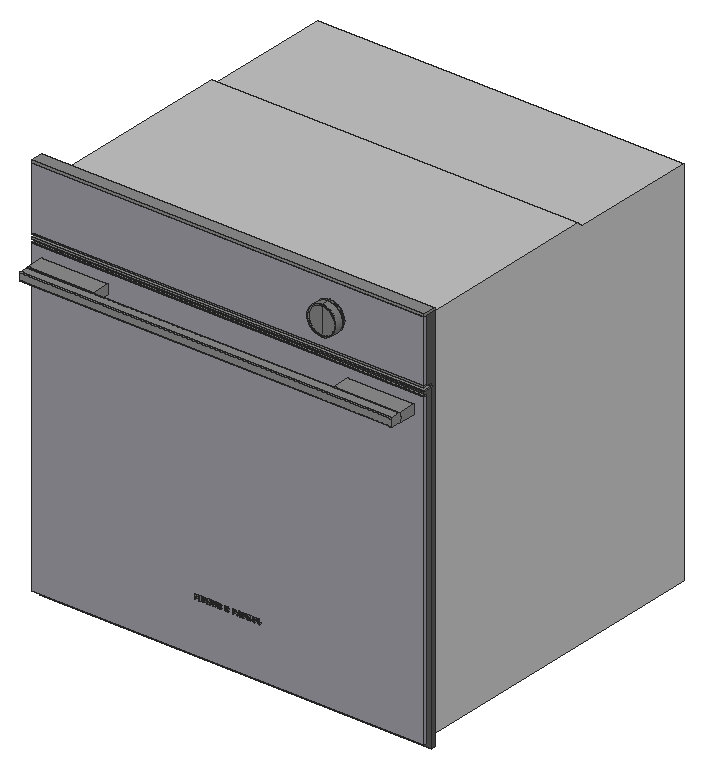
Revit family "FP-Revit19-en-OB60SMPTDG1-WallOven-0-90003132A-AU-NZ-CN-IE-UK-EU", category Specialty Equipment, Revit 2019
Family settings
  Round Connector Dimension = Use Diameter
  Part Type = Normal
  OmniClass Number = 23.40.40.14.17.31
  OmniClass Title = Small Specialized Cooking Equipment
  Work Plane-Based = No
  Always vertical = Yes
  Cut with Voids When Loaded = Yes
  Shared = No
  Room Calculation Point = No
Parameters (values of type "OB60SMPTDG1")
  Visibility - Clearance Required = yes
  URL = "www.fisherpaykel.com"
  Product - Height = 598 mm  # constant formula
  Product - Width = 596 mm  # constant formula
  Product - Depth (Exc. Handles) = 565 mm  # constant formula
  Opening - Height = 600 mm  # constant formula
  Model = "OB60SMPTDG1"
  Material - Trim = Fisher & Paykel - Aluminium, Dark
  Material - Structure = Fisher & Paykel - Black
  Material - Handle = Fisher & Paykel - Aluminium, Dark
  Material - Glass = Fisher & Paykel - Glass, Grey
  Material - Dial = Fisher & Paykel - Aluminium, Dark, Matt
  Material - Body = Fisher & Paykel - Grey
  Manufacturer = "Fisher & Paykel Appliances"
  FFL Offset [instance] = 900 mm
  Description = "Oven, 60cm, 16 Function, Self-cleaning"
  Connector Description - Electrical = "220-240V, 50Hz, 12.8 - 13.8A"
  Chassis - Width = 556 mm  # constant formula
  Chassis - Height = 575 mm  # constant formula
  Chassis - Depth = 545 mm  # constant formula
  Cavity - Width = 560 mm  # constant formula
  Cavity - Height = 580 mm  # constant formula
  Cavity - Depth = 550 mm  # constant formula
Reference planes
  plane 1 "Datum": y = 0
  plane 2: z = -2
  plane 3 "Center (Left/Right)": x = 0
  plane 4 "Product - LHS": x = -298
  plane 5 "Product - RHS": x = 298
  plane 6 "Cavity - RHS": x = 280
  plane 7 "FFL Offset": z = 898
  plane 8 "Chassis - Depth": y = 545
  plane 9 "Front Face": y = -20
  plane 10 "Chassis - Height": z = 1473
  plane 11 "Cavity - Height": z = 1478
  plane 12 "Opening - Height": z = 1498
  plane 13 "Cavity - LHS": x = -280
  plane 14 "Cavity - Depth": y = 550
  plane 15 "Product - Height": z = 1496
  plane 16 "Opening - RHS": x = 300
  plane 17 "Opening - LHS": x = -300
  plane 18 "Chassis - LHS": x = -278
  plane 19 "Chassis - RHS": x = 278
Forms (mm)
  Extrusion 1, solid, material "Fisher & Paykel - Grey" <- "Material - Body"
    sketch origin (0, 0, 0) x (0, 1, 0) y (0, 0, 1)
      loop
        line (0, 1473) -> (0, 898) -> (528, 898) -> (528, 1088) -> (545, 1108) -> (545, 1303) -> (498, 1358) -> (498, 1466) -> (305, 1466) -> (298, 1473) -> (0, 1473)
    from -278 to 278
  Extrusion 2, solid, material "Fisher & Paykel - Black" <- "Material - Structure", detail levels fine
    sketch origin (0, 0, 0) x (0, 1, 0) y (0, 0, 1)
      loop
        line (0, 1492.7) -> (-16, 1492.7) -> (-16, 1396) -> (-4, 1396) -> (-4, 898) -> (0, 898) -> (0, 1492.7)
    from -298 to 298
  Extrusion 3, solid, material "Fisher & Paykel - Glass, Grey" <- "Material - Glass", detail levels fine
    sketch origin (0, 0, -3) x (0, 1, 0) y (0, 0, 1)
      loop
        line (-20, 1386.4) -> (-20, 912.5) -> (-16, 912.5) -> (-16, 1386.4) -> (-20, 1386.4)
      loop
        line (-20, 1400.8) -> (-16, 1400.8) -> (-16, 1495.7) -> (-20, 1495.7) -> (-20, 1400.8)
    from -298 to 298
  Extrusion 4, solid, material "Fisher & Paykel - Black" <- "Material - Structure", detail levels fine
    sketch origin (0, 0, 0) x (0, 1, 0) y (0, 0, 1)
      loop
        line (-16, 909.5) -> (-4, 909.5) -> (-4, 1380.364) -> (-13.99, 1384) -> (-16, 1384) -> (-16, 909.5)
    from -268 to 268
  Extrusion 5, solid, material "Fisher & Paykel - Clearance Required", visible <- "Visibility - Clearance Required", detail levels coarse
    sketch origin (0, 0, -2) x (1, 0, 0) y (0, 1, 0)
      loop
        line (-280, 0) -> (280, 0) -> (280, 550) -> (-280, 550) -> (-280, 0)
    from 900 to 1480
  Extrusion 6, void
    sketch origin (0, 0, 0) x (0, 1, 0) y (0, 0, 1)
      loop
        line (-20, 898) -> (0, 898) -> (0, 1498) -> (-20, 1498) -> (-20, 898)
    from -300 to 300
  Extrusion 7, solid, material "Fisher & Paykel - Grey" <- "Material - Body"
    sketch origin (0, 2, 0) x (0, 1, 0) y (0, 0, 1)
      loop
        line (496, 1433.999) -> (496, 1376) -> (517.999, 1376) -> (517.999, 1433.999) -> (496, 1433.999)
    from -221 to -128
  Extrusion 8, solid, material "Fisher & Paykel - Aluminium, Dark" <- "Material - Trim", detail levels fine
    sketch origin (0, 0, -1.199) x (0, 1, 0) y (0, 0, 1)
      loop
        line (-16, 1397.199) -> (-16, 1398.999) -> (-20, 1398.999) -> (-20, 1397.199) -> (-16, 1397.199)
      loop
        line (-16, 1384.599) -> (-16, 1386.199) -> (-20, 1386.199) -> (-20, 1384.599) -> (-16, 1384.599)
      loop
        line (-4, 1390.799) -> (-4, 1392.399) -> (-20, 1392.399) -> (-20, 1390.799) -> (-4, 1390.799)
      loop
        line (0, 1493.899) -> (0, 1497.199) -> (-20, 1497.199) -> (-20, 1493.899) -> (0, 1493.899)
    from -298 to 298
  Extrusion 9, void
    sketch origin (0, 0, -2) x (1, 0, 0) y (0, 1, 0)
      loop
        line (201.865, 545) -> (229, 498) -> (278, 498) -> (278, 545) -> (201.865, 545)
      loop
        line (-201.865, 545) -> (-278, 545) -> (-278, 498) -> (-229, 498) -> (-201.865, 545)
    from 900 to 1480
  Extrusion 10, solid, material "Fisher & Paykel - Grey" <- "Material - Body"
    sketch origin (0, 6.626, -14.403) x (0, 1, 0) y (0, 0, 1)
      loop
        circle (501.374, 1419.388) r 5
    from -271 to -221
  Extrusion 11, void
    sketch origin (0, 0, -2) x (1, 0, 0) y (0, 1, 0)
      loop
        line (-280, 0) -> (280, 0) -> (280, 550) -> (-280, 550) -> (-280, 0)
    from 900 to 1480
  Extrusion 12, solid, material "Fisher & Paykel - Glass, Grey" <- "Material - Glass", detail levels coarse+medium
    sketch origin (0, 0, 0) x (0, 1, 0) y (0, 0, 1)
      loop
        line (0, 1496) -> (-20, 1496) -> (-20, 1396) -> (-4, 1396) -> (-4, 1391.2) -> (-4, 1380.364) -> (-13.99, 1384) -> (-16, 1384) -> (-16, 1385) -> (-20, 1385) -> (-20, 909.5) -> (-4, 909.5) -> (-4, 898) -> (0, 898) -> (0, 1496)
    from -298 to 298
  Extrusion 13, solid, material "Fisher & Paykel - Clearance Required", visible <- "Visibility - Clearance Required", detail levels coarse
    sketch origin (0, 0, 0) x (0, 1, 0) y (0, 0, 1)
      loop
        line (0, 898) -> (0, 1498) -> (-20, 1498) -> (-20, 1385)
        arc (-20, 1385) -> (-332.479, 1259.952) -> (-475.335, 955.203) r 458.415
        line (-475.335, 955.203) -> (-461.431, 954.484) -> (-463.168, 920.896) -> (-450.381, 920.235) -> (-448.645, 953.805) -> (-20, 931.639) -> (-20, 898) -> (0, 898)
    from -300 to 300
Cuts and joins
  Extrusion 9 cuts Extrusion 1
Text (mm)
  text "Due to ongoing product development, product details are subject to change without notice. \nPlease always refer to www.fisherpaykel.com for the most current product information. \n© Fisher & Paykel 2020" at (41.04, -613.295, 0), in view "Ref. Level (Plan)"
Dimensions and locks
  equal spacing: plane 4 "Product - LHS", plane 3 "Center (Left/Right)", plane 5 "Product - RHS"
  "Product - Width": plane 4 "Product - LHS" to plane 5 "Product - RHS"
  "FFL Offset": plane 7 "FFL Offset" to level
  locked: plane 9 "Front Face" to plane 1 "Datum" at 20
  "Cavity - Height": plane 11 "Cavity - Height" to plane 7 "FFL Offset"
  "Chassis - Height": plane 10 "Chassis - Height" to plane 7 "FFL Offset"
  "Cavity - Depth": plane 1 "Datum" to plane 14 "Cavity - Depth"
  "Cavity - Width": plane 13 "Cavity - LHS" to plane 6 "Cavity - RHS"
  Extrusion 6 to Extrusion 3 = 11.5 mm
  "Chassis - Depth": plane 1 "Datum" to plane 8 "Chassis - Depth"
  equal spacing: plane 13 "Cavity - LHS", plane 3 "Center (Left/Right)", plane 6 "Cavity - RHS"
  "Opening - Height": plane 7 "FFL Offset" to plane 12 "Opening - Height"
  "Product - Height": plane 7 "FFL Offset" to plane 15 "Product - Height"
  equal spacing: cut or joined group of Extrusion 1, Extrusion 9, plane 3 "Center (Left/Right)", cut or joined group of Extrusion 1, Extrusion 9
  "Chassis - Width": cut or joined group of Extrusion 1, Extrusion 9 to cut or joined group of Extrusion 1, Extrusion 9
  locked: plane 15 "Product - Height" to nested 2 at 506.195
  locked: nested 1 to plane 15 "Product - Height" at 52.1
  locked: nested 3 to plane 15 "Product - Height" at 135
  aligned and locked: level to plane 2
  aligned and locked: plane 4 "Product - LHS" to Extrusion 3
  aligned and locked: Extrusion 3 to plane 5 "Product - RHS"
  aligned and locked: plane 4 "Product - LHS" to Extrusion 2
  aligned and locked: Extrusion 2 to plane 5 "Product - RHS"
  aligned and locked: Extrusion 1 to plane 7 "FFL Offset"
  aligned and locked: Extrusion 8 to plane 5 "Product - RHS"
  aligned and locked: Extrusion 8 to Extrusion 3
  aligned and locked: Extrusion 6 to Extrusion 3
  aligned and locked: Extrusion 3 to Extrusion 8
  aligned and locked: Extrusion 4 to Extrusion 3
  aligned and locked: Extrusion 4 to Extrusion 2
  aligned and locked: Extrusion 8 to plane 1 "Datum"
  aligned and locked: plane 9 "Front Face" to Extrusion 6
  aligned and locked: Extrusion 5 to plane 6 "Cavity - RHS"
  aligned and locked: Extrusion 10 to Extrusion 7
  aligned and locked: plane 11 "Cavity - Height" to Extrusion 5
  aligned and locked: Extrusion 6 to plane 12 "Opening - Height"
  aligned and locked: Extrusion 6 to Extrusion 2
  aligned and locked: Extrusion 8 to plane 15 "Product - Height"
  aligned and locked: Extrusion 8 to Extrusion 2
  aligned and locked: Extrusion 9 to Extrusion 1
  aligned and locked: Extrusion 5 to Extrusion 2
  aligned and locked: Extrusion 5 to Extrusion 9
  aligned and locked: Extrusion 5 to plane 7 "FFL Offset"
  aligned and locked: Extrusion 1 to Extrusion 9
  aligned and locked: Extrusion 12 sketch curve to plane 15 "Product - Height"
  aligned and locked: plane 11 "Cavity - Height" to Extrusion 11
  aligned and locked: Extrusion 2 to Extrusion 11
  aligned and locked: Extrusion 13 to plane 7 "FFL Offset"
  aligned and locked: Extrusion 13 to Extrusion 6  (x3)
Automatic sketch dimensions
  Extrusion 1 sketch curve to plane 1 "Datum" = 0 mm
  Extrusion 1 sketch curve to plane 10 "Chassis - Height" = 0 mm
  Extrusion 1 sketch curve to plane 7 "FFL Offset" = 0 mm
  Extrusion 1 sketch curve to plane 8 "Chassis - Depth" = 0 mm
  Extrusion 1 sketch curve to Extrusion 1 sketch curve = 7 mm
  Extrusion 1 sketch curve to plane 10 "Chassis - Height" = 7 mm
  Extrusion 1 sketch curve to Extrusion 1 sketch curve = 20 mm
  Extrusion 2 sketch curve to plane 7 "FFL Offset" = 0 mm
  Extrusion 2 sketch curve to plane 1 "Datum" = 0 mm
  plane 1 "Datum" to Extrusion 2 sketch curve = 4 mm
  Extrusion 2 sketch curve to plane 9 "Front Face" = 4 mm
  plane 15 "Product - Height" to Extrusion 2 sketch curve = 3.3 mm
  Extrusion 3 sketch curve to plane 9 "Front Face" = 0 mm  (x2)
  Extrusion 3 sketch curve to Extrusion 3 sketch curve = 4 mm  (x2)
  plane 7 "FFL Offset" to Extrusion 3 sketch curve = 11.5 mm
  Extrusion 3 sketch curve to Extrusion 3 sketch curve = 14.4 mm
  plane 15 "Product - Height" to Extrusion 3 sketch curve = 3.3 mm
  Extrusion 4 sketch curve to plane 9 "Front Face" = 4 mm
  Extrusion 4 sketch curve to Extrusion 4 sketch curve = 2.01 mm
  plane 1 "Datum" to Extrusion 4 sketch curve = 4 mm
  plane 7 "FFL Offset" to Extrusion 4 sketch curve = 11.5 mm
  Extrusion 4 sketch curve to Extrusion 4 sketch curve = 3.636 mm
  Extrusion 5 sketch curve to plane 13 "Cavity - LHS" = 0 mm
  Extrusion 5 sketch curve to plane 6 "Cavity - RHS" = 0 mm
  plane 1 "Datum" to Extrusion 5 sketch curve = 0 mm
  Extrusion 5 sketch curve to plane 14 "Cavity - Depth" = 0 mm
  Extrusion 6 sketch curve to plane 9 "Front Face" = 0 mm
  Extrusion 6 sketch curve to plane 1 "Datum" = 0 mm
  Extrusion 6 sketch curve to plane 7 "FFL Offset" = 0 mm
  plane 12 "Opening - Height" to Extrusion 6 sketch curve = 0 mm
  Extrusion 7 sketch curve to Extrusion 7 sketch curve = 21.999 mm
  Extrusion 8 sketch curve to plane 9 "Front Face" = 0 mm  (x4)
  Extrusion 8 sketch curve to plane 1 "Datum" = 0 mm
  plane 15 "Product - Height" to Extrusion 8 sketch curve = 0 mm
  Extrusion 8 sketch curve to Extrusion 8 sketch curve = 4 mm  (x2)
  plane 1 "Datum" to Extrusion 8 sketch curve = 4 mm
  plane 15 "Product - Height" to Extrusion 8 sketch curve = 3.3 mm
  Extrusion 8 sketch curve to Extrusion 8 sketch curve = 1.8 mm
  Extrusion 8 sketch curve to Extrusion 8 sketch curve = 4.8 mm
  Extrusion 8 sketch curve to Extrusion 8 sketch curve = 1.6 mm  (x2)
  Extrusion 8 sketch curve to Extrusion 8 sketch curve = 4.6 mm
  Extrusion 9 sketch curve to plane 8 "Chassis - Depth" = 0 mm  (x2)
  Extrusion 9 sketch curve to plane 13 "Cavity - LHS" = 2 mm
  Extrusion 9 sketch curve to Extrusion 9 sketch curve = 49 mm
  Extrusion 9 sketch curve to Extrusion 9 sketch curve = 27.135 mm
  plane 6 "Cavity - RHS" to Extrusion 9 sketch curve = 78.135 mm
  plane 6 "Cavity - RHS" to Extrusion 9 sketch curve = 51 mm
  plane 6 "Cavity - RHS" to Extrusion 9 sketch curve = 2 mm
  Extrusion 11 sketch curve to plane 13 "Cavity - LHS" = 0 mm
  Extrusion 11 sketch curve to plane 6 "Cavity - RHS" = 0 mm
  plane 1 "Datum" to Extrusion 11 sketch curve = 0 mm
  Extrusion 11 sketch curve to plane 14 "Cavity - Depth" = 0 mm
  Extrusion 7 sketch curve to plane 10 "Chassis - Height" = 39.001 mm
  Extrusion 1 sketch curve to Extrusion 1 sketch curve = 163 mm
  Extrusion 1 sketch curve to Extrusion 1 sketch curve = 55 mm
  Extrusion 2 sketch curve to plane 10 "Chassis - Height" = 77 mm
  Extrusion 3 sketch curve to plane 10 "Chassis - Height" = 89.6 mm
  Extrusion 4 sketch curve to plane 10 "Chassis - Height" = 92.636 mm
  Extrusion 7 sketch curve to Extrusion 7 sketch curve = 57.999 mm
  Extrusion 8 sketch curve to plane 10 "Chassis - Height" = 75.2 mm
  Extrusion 10 sketch curve to plane 10 "Chassis - Height" = 68.015 mm
  Extrusion 12 sketch curve to plane 9 "Front Face" = 0 mm  (x2)
  Extrusion 12 sketch curve to plane 7 "FFL Offset" = 0 mm
  Extrusion 12 sketch curve to plane 1 "Datum" = 0 mm
  Extrusion 12 sketch curve to plane 9 "Front Face" = 4 mm
  Extrusion 12 sketch curve to Extrusion 12 sketch curve = 2.01 mm
  plane 1 "Datum" to Extrusion 12 sketch curve = 4 mm  (x2)
  Extrusion 12 sketch curve to plane 10 "Chassis - Height" = 92.636 mm
  Extrusion 12 sketch curve to Extrusion 12 sketch curve = 3.636 mm
  Extrusion 12 sketch curve to Extrusion 12 sketch curve = 1 mm
  Extrusion 12 sketch curve to Extrusion 12 sketch curve = 10.836 mm
  Extrusion 12 sketch curve to Extrusion 12 sketch curve = 11 mm
  Extrusion 12 sketch curve to Extrusion 12 sketch curve = 11.5 mm
  Extrusion 1 sketch curve to Extrusion 1 sketch curve = 190 mm
  Extrusion 13 sketch curve to plane 7 "FFL Offset" = 0 mm
  Extrusion 13 sketch curve to plane 9 "Front Face" = 0 mm  (x2)
  Extrusion 13 sketch curve to plane 1 "Datum" = 0 mm
  plane 12 "Opening - Height" to Extrusion 13 sketch curve = 0 mm
  plane 7 "FFL Offset" to Extrusion 13 sketch curve = 55.805 mm
  plane 9 "Front Face" to Extrusion 13 sketch curve = 428.645 mm
  plane 7 "FFL Offset" to Extrusion 13 sketch curve = 22.235 mm
  Extrusion 13 sketch curve to Extrusion 13 sketch curve = 1.736 mm
  plane 7 "FFL Offset" to Extrusion 13 sketch curve = 56.484 mm
  Extrusion 13 sketch curve to Extrusion 13 sketch curve = 12.786 mm
  Extrusion 13 sketch curve to plane 9 "Front Face" = 2.186 mm
  Extrusion 13 sketch curve to Extrusion 13 sketch curve = 5.049 mm
  Extrusion 13 sketch curve to Extrusion 13 sketch curve = 13.904 mm
  Extrusion 1 sketch curve to plane 8 "Chassis - Depth" = 247 mm
  Extrusion 1 sketch curve to plane 8 "Chassis - Depth" = 47 mm
  Extrusion 1 sketch curve to plane 8 "Chassis - Depth" = 17 mm
  Extrusion 7 sketch curve to plane 8 "Chassis - Depth" = 47 mm
  Extrusion 9 sketch curve to plane 8 "Chassis - Depth" = 47 mm  (x2)
  Extrusion 10 sketch curve to plane 8 "Chassis - Depth" = 37 mm
  radius of Extrusion 10 sketch curve = 5 mm
Nested families
  nested 1: "F&P Dial Minimal Oven" at (155.3, -20, 1444), type "F&P Dial Minimal Oven"
  nested 2: "F&P Logo 100mm" at (0.044, -20, 987), type "Grey"
  nested 3: "F&P Handle Contemporary Square Fine OB60-24" at (0, -20, 1361.022), type "Aluminium Black"
Connectors
  electrical at (-271, 508, 1404.985), driven by "Connector Description - Electrical"
    settings: on Extrusion 10, index 1, voltage 230 V, apparent load 0 VA, apparent load phase1 0 VA, apparent load phase2 0 VA, apparent load phase3 0 VA, power factor 1, load classification "Other", number of poles 1, system type 30, power factor state 1, is connector primary yes, connector utility yes, sub classification motor no, connector description "220-240V, 50Hz, 12.8 - 13.8A"
Definition of nested family "F&P Dial Minimal Oven"
  Parameters (values of type "F&P Dial Minimal Oven")
    URL = "www.fisherpaykel.com"
    Material - Buttons and Dials = none
    Manufacturer = "Fisher & Paykel Appliances"
  Reference planes
    plane 1 "Center (Front/Back)": y = 0
    plane 2: z = 0
    plane 3 "Center (Left/Right)": x = 0
    plane 4: x = 0
    plane 5 "Dial": z = 0
  Forms (mm)
    Revolve 1, solid, material <- "Material - Buttons and Dials", detail levels fine
      sketch origin (0, 0, 0) x (0, 1, 0) y (0, 0, 1)
        loop
          line (-15.2, 0) -> (0, 0) -> (0, 22) -> (-0.8, 22) -> (-0.8, 18.5) -> (-4.2, 18.5) -> (-4.2, 20.136) -> (-4.7, 22) -> (-15.8, 22) -> (-15.8, 21.2) -> (-15.301, 20) -> (-15.301, 0)
        axis (-15.8, 0) -> (0, 0)
      angle from 0 to 360
    Revolve 2, solid, material <- "Material - Buttons and Dials", detail levels coarse+medium
      sketch origin (0, 0, 0) x (0, 1, 0) y (0, 0, 1)
        loop
          line (0, 18.5) -> (-4.2, 18.5) -> (-4.2, 22) -> (-15.8, 22) -> (-15.8, 0) -> (0, 0) -> (0, 18.5)
        axis (-15.8, 0) -> (0, 0)
      angle from 0 to 360
  Dimensions and locks
    aligned and locked: level to plane 2
Definition of nested family "F&P Logo 100mm"
  Parameters (values of type "Grey")
    URL = "www.fisherpaykel.com"
    Material - Logo = none
    Manufacturer = "Fisher & Paykel Appliances"
  Reference planes
    plane 1 "Center (Front/Back)": y = 0
    plane 2: z = 0
    plane 3 "Center (Left/Right)": x = 0
    plane 4 "Logo": z = 2.805
  Forms (mm)
    Extrusion 1, solid, material <- "Material - Logo", detail levels fine
      sketch origin (0, 0, 0) x (1, 0, 0) y (0, 0, 1)
        loop
          line (-50.044, 0) -> (-48.47, 0) -> (-48.47, 2.138) -> (-46.011, 2.138) -> (-46.011, 3.472) -> (-48.47, 3.472) -> (-48.47, 4.712) -> (-45.795, 4.712) -> (-45.795, 6.04) -> (-50.044, 6.04) -> (-50.044, 0)
        loop
          line (-42.804, 6.04) -> (-42.804, 0) -> (-41.23, 0) -> (-41.23, 6.04) -> (-42.804, 6.04)
        loop
          line (-30.724, 6.04) -> (-30.724, 0) -> (-29.151, 0) -> (-29.151, 2.42) -> (-26.839, 2.42) -> (-26.839, 0) -> (-25.265, 0) -> (-25.265, 6.04) -> (-26.839, 6.04) -> (-26.839, 3.748) -> (-29.151, 3.748) -> (-29.151, 6.04) -> (-30.724, 6.04)
        loop
          line (-21.906, 6.04) -> (-21.906, 0) -> (-17.602, 0) -> (-17.602, 1.328) -> (-20.347, 1.328) -> (-20.347, 2.42) -> (-17.838, 2.42) -> (-17.838, 3.748) -> (-20.347, 3.748) -> (-20.347, 4.712) -> (-17.602, 4.712) -> (-17.602, 6.04) -> (-21.906, 6.04)
        loop
          line (45.667, 6.04) -> (45.667, 0) -> (49.956, 0) -> (49.956, 1.328) -> (47.241, 1.328) -> (47.241, 6.04) -> (45.667, 6.04)
        loop
          line (42.431, 6.04) -> (38.112, 6.04) -> (38.112, 0) -> (42.431, 0) -> (42.431, 1.328) -> (39.687, 1.328) -> (39.687, 2.42) -> (42.195, 2.42) -> (42.195, 3.748) -> (39.687, 3.748) -> (39.687, 4.712) -> (42.431, 4.712) -> (42.431, 6.04)
        loop
          line (33.443, 3.137) -> (35.683, 6.04) -> (33.844, 6.04) -> (31.915, 3.542) -> (31.915, 6.04) -> (30.342, 6.04) -> (30.342, 0) -> (31.915, 0) -> (31.915, 2.705) -> (33.903, 0) -> (35.747, 0) -> (33.443, 3.137)
        loop
          line (21.98, 6.04) -> (24.262, 2.42) -> (24.262, 0) -> (25.837, 0) -> (25.837, 2.341) -> (28.119, 6.04) -> (26.446, 6.04) -> (25.099, 3.707) -> (23.753, 6.04) -> (21.98, 6.04)
        loop
          line (18.479, 6.04) -> (16.983, 6.04) -> (14.524, 0) -> (16.069, 0) -> (16.501, 1.112) -> (18.786, 1.112) -> (19.219, 0) -> (20.938, 0) -> (18.479, 6.04)
        loop
          line (18.4, 2.439) -> (17.693, 4.174) -> (17.018, 2.439) -> (18.4, 2.439)
        loop
          line (8.031, 6.04) -> (8.031, 0) -> (9.605, 0) -> (9.605, 1.938) -> (10.599, 1.938)
          arc (10.599, 1.938) -> (12.65, 3.989) -> (10.599, 6.04) r 2.051
          line (10.599, 6.04) -> (8.031, 6.04)
        loop
          line (9.605, 4.712) -> (9.605, 3.197) -> (10.501, 3.197)
          arc (10.501, 3.197) -> (11.259, 3.954) -> (10.501, 4.712) r 0.757
          line (10.501, 4.712) -> (9.605, 4.712)
        loop
          line (-11.783, 6.04) -> (-14.366, 6.04) -> (-14.366, 0) -> (-12.792, 0) -> (-12.792, 1.336) -> (-11.992, 1.336) -> (-10.972, 0) -> (-9.153, 0) -> (-10.694, 1.973)
          arc (-10.694, 1.973) -> (-9.678, 4.424) -> (-11.783, 6.04) r 2.179
        loop
          line (-11.897, 4.712) -> (-12.792, 4.712) -> (-12.792, 3.053) -> (-11.897, 3.053)
          arc (-11.897, 3.053) -> (-11.068, 3.882) -> (-11.897, 4.712) r 0.83
        loop
          line (0.477, 4.712) -> (0.477, 6.153) -> (-3.575, 6.153) -> (-3.575, 4.851) -> (-2.974, 4.112)
          arc (-2.974, 4.112) -> (-3.51, 0.684) -> (-0.045, 0.512) r 2.334
          line (-0.045, 0.512) -> (0.46, -0.109) -> (2.246, -0.109) -> (0.86, 1.594) -> (2.061, 3.324) -> (0.443, 3.324) -> (-0.013, 2.667) -> (-1.677, 4.712) -> (0.477, 4.712)
        loop
          arc (-2.125, 3.068) -> (-2.269, 1.668) -> (-0.868, 1.524) r 0.996
          line (-0.868, 1.524) -> (-2.125, 3.068)
        loop
          line (-35.18, 3.634) -> (-36.516, 3.91)
          arc (-36.516, 3.91) -> (-37.049, 4.443) -> (-36.516, 4.976) r 0.533
          arc (-36.516, 4.976) -> (-35.235, 4.79) -> (-34.059, 4.248) r 4.505
          line (-34.059, 4.248) -> (-34.059, 5.743)
          arc (-34.059, 5.743) -> (-35.549, 6.179) -> (-37.1, 6.109) r 4.726
          arc (-37.1, 6.109) -> (-38.536, 4.335) -> (-37.1, 2.561) r 1.814
          line (-37.1, 2.561) -> (-35.754, 2.282)
          arc (-35.754, 2.282) -> (-35.221, 1.749) -> (-35.754, 1.216) r 0.533
          arc (-35.754, 1.216) -> (-37.035, 1.402) -> (-38.211, 1.945) r 4.505
          line (-38.211, 1.945) -> (-38.211, 0.449)
          arc (-38.211, 0.449) -> (-36.72, 0.013) -> (-35.169, 0.083) r 4.726
          arc (-35.169, 0.083) -> (-33.734, 1.863) -> (-35.18, 3.634) r 1.814
      from 0 to 0.8
  Dimensions and locks
    aligned and locked: level to plane 2
Definition of nested family "F&P Handle Contemporary Square Fine OB60-24"
  Parameters (values of type "Aluminium Black")
    URL = "www.fisherpaykel.com"
    Material - Handle = none
    Manufacturer = "Fisher & Paykel Appliances"
    Handle - Length = 565 mm
  Reference planes
    plane 1 "Center (Front/Back)": y = 0
    plane 2: z = 0
    plane 3 "Center (Left/Right)": x = 0
    plane 4 "Product LHS": x = -282.5
    plane 5 "Product RHS": x = 282.5
    plane 6 "LHS Standoff": x = -182.495
    plane 7 "RHS Standoff": x = 182.505
    plane 8 "Handle centre": z = -0.022
    plane 9: z = -0.022
  Forms (mm)
    Extrusion 1, solid, material <- "Material - Handle", detail levels fine
      sketch origin (0, 0, 0) x (0, 1, 0) y (0, 0, 1)
        loop
          arc (-26.813, 6.16) -> (-27.196, 6.554) -> (-27.728, 6.686) r 1
          line (-27.728, 6.686) -> (-40.035, 6.256)
          arc (-40.035, 6.256) -> (-40.719, 5.951) -> (-41, 5.257) r 1
          line (-41, 5.257) -> (-41, -5.257)
          arc (-41, -5.257) -> (-40.719, -5.951) -> (-40.035, -6.256) r 1
          line (-40.035, -6.256) -> (-27.709, -6.686)
          arc (-27.709, -6.686) -> (-27.175, -6.554) -> (-26.792, -6.158) r 1
          arc (-26.792, -6.158) -> (-25.256, 0.004) -> (-26.813, 6.16) r 13.038
      from -282.5 to 282.5
    Extrusion 2, solid, material <- "Material - Handle", detail levels fine
      sketch origin (0, 0, 0) x (0, 1, 0) y (0, 0, 1)
        loop
          arc (-26.626, -6.008) -> (-26.614, -6.49) -> (-26.2, -6.737) r 0.5
          line (-26.2, -6.737) -> (0, -7.696) -> (0, 7.704) -> (-26.174, 6.747)
          arc (-26.174, 6.747) -> (-26.587, 6.5) -> (-26.6, 6.019) r 0.5
          arc (-26.6, 6.019) -> (-25.156, 0.002) -> (-26.626, -6.008) r 13.136
      from 182.505 to 282.5
    Extrusion 3, solid, material <- "Material - Handle", detail levels coarse+medium
      sketch origin (0, 0, 0) x (1, 0, 0) y (0, 1, 0)
        loop
          line (-282.5, -42) -> (282.5, -42) -> (282.5, 0) -> (182.505, 0) -> (182.505, -26.156) -> (-182.495, -26.156) -> (-182.495, 0) -> (-282.5, 0) -> (-282.5, -42)
      from -8.022 to 7.978
    Extrusion 4, solid, material <- "Material - Handle", detail levels fine
      sketch origin (0, 0, 0) x (0, 1, 0) y (0, 0, 1)
        loop
          arc (-26.626, -6.008) -> (-26.614, -6.49) -> (-26.2, -6.737) r 0.5
          line (-26.2, -6.737) -> (0, -7.696) -> (0, 7.704) -> (-26.174, 6.747)
          arc (-26.174, 6.747) -> (-26.587, 6.5) -> (-26.6, 6.019) r 0.5
          arc (-26.6, 6.019) -> (-25.156, 0.002) -> (-26.626, -6.008) r 13.136
      from -282.5 to -182.495
  Dimensions and locks
    equal spacing: plane 4 "Product LHS", plane 3 "Center (Left/Right)", plane 5 "Product RHS"
    "Handle - Length": plane 4 "Product LHS" to plane 5 "Product RHS"
    locked: plane 4 "Product LHS" to plane 6 "LHS Standoff" at 100.005
    locked: plane 7 "RHS Standoff" to plane 5 "Product RHS" at 99.995
    aligned and locked: level to plane 2
    aligned and locked: Extrusion 1 to plane 5 "Product RHS"
    aligned and locked: plane 4 "Product LHS" to Extrusion 1
    aligned and locked: Extrusion 2 to plane 5 "Product RHS"
    aligned and locked: plane 4 "Product LHS" to Extrusion 3 sketch curve
    aligned and locked: Extrusion 3 sketch curve to plane 5 "Product RHS"
    aligned and locked: Extrusion 3 sketch curve to plane 7 "RHS Standoff"
    aligned and locked: plane 6 "LHS Standoff" to Extrusion 3 sketch curve
    aligned and locked: plane 4 "Product LHS" to Extrusion 4
    aligned and locked: plane 6 "LHS Standoff" to Extrusion 4
    aligned and locked: Extrusion 2 to plane 7 "RHS Standoff"
  Automatic sketch dimensions
    Extrusion 1 sketch curve to level = 5.257 mm
    plane 1 "Center (Front/Back)" to Extrusion 1 sketch curve = 41 mm
    level to Extrusion 1 sketch curve = 6.256 mm
    Extrusion 1 sketch curve to Extrusion 1 sketch curve = 0.965 mm  (x2)
    Extrusion 1 sketch curve to level = 6.256 mm
    Extrusion 1 sketch curve to Extrusion 1 sketch curve = 0.035 mm  (x3)
    Extrusion 1 sketch curve to level = 0.018 mm
    Extrusion 1 sketch curve to Extrusion 1 sketch curve = 1.706 mm
    level to Extrusion 1 sketch curve = 6.686 mm
    Extrusion 1 sketch curve to Extrusion 1 sketch curve = 12.307 mm
    Extrusion 1 sketch curve to level = 6.686 mm
    Extrusion 1 sketch curve to Extrusion 1 sketch curve = 12.326 mm
    Extrusion 1 sketch curve to Extrusion 1 sketch curve = 0.999 mm  (x2)
    Extrusion 1 sketch curve to Extrusion 1 sketch curve = 0 mm
    Extrusion 2 sketch curve to plane 1 "Center (Front/Back)" = 0 mm
    level to Extrusion 2 sketch curve = 6.247 mm
    plane 1 "Center (Front/Back)" to Extrusion 2 sketch curve = 26.155 mm
    level to Extrusion 2 sketch curve = 6.747 mm
    Extrusion 2 sketch curve to Extrusion 2 sketch curve = 0.018 mm  (x2)
    Extrusion 2 sketch curve to level = 6.238 mm
    Extrusion 2 sketch curve to Extrusion 2 sketch curve = 0.026 mm
    Extrusion 2 sketch curve to level = 6.737 mm
    level to Extrusion 2 sketch curve = 0.03 mm
    Extrusion 2 sketch curve to Extrusion 2 sketch curve = 12.11 mm
    Extrusion 2 sketch curve to level = 7.696 mm
    level to Extrusion 2 sketch curve = 7.704 mm
    Extrusion 2 sketch curve to Extrusion 2 sketch curve = 0 mm
    plane 1 "Center (Front/Back)" to Extrusion 3 sketch curve = 42 mm
    Extrusion 3 sketch curve to Extrusion 3 sketch curve = 15.844 mm
    Extrusion 3 sketch curve to Extrusion 3 sketch curve = 26.156 mm  (x2)
    level to Extrusion 4 sketch curve = 0.03 mm
    plane 1 "Center (Front/Back)" to Extrusion 4 sketch curve = 38.291 mm
    Extrusion 4 sketch curve to level = 6.737 mm
    Extrusion 4 sketch curve to Extrusion 4 sketch curve = 12.091 mm
    Extrusion 4 sketch curve to Extrusion 4 sketch curve = 0.018 mm  (x2)
    level to Extrusion 4 sketch curve = 6.747 mm
    Extrusion 4 sketch curve to Extrusion 4 sketch curve = 0.008 mm
    level to Extrusion 4 sketch curve = 7.704 mm
    Extrusion 4 sketch curve to Extrusion 4 sketch curve = 26.174 mm
    Extrusion 4 sketch curve to level = 7.696 mm
    Extrusion 4 sketch curve to Extrusion 4 sketch curve = 0.5 mm  (x2)
    Extrusion 4 sketch curve to Extrusion 4 sketch curve = 0 mm
